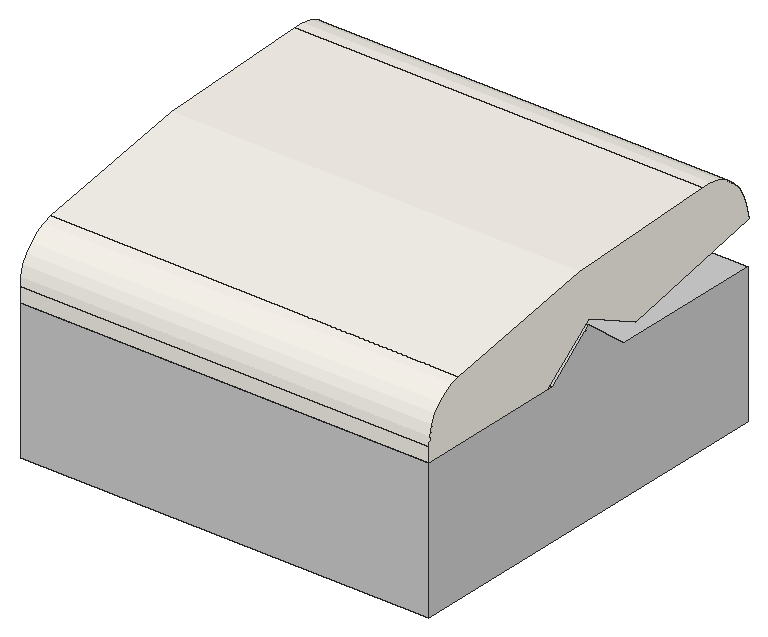
Revit family "Domotics-DomesticRanges-GEWISS-CHORUS_COMMAND-BADGE_SWITCH_2M", category Apparecchi elettrici, host Superficie, Revit 2016
Family settings
  Host = Superficie
  Mantenere orientamento annotazione = Sì
  Tipo di parte = Normale
  Quota connettore circolare = Usa diametro
  Numero OmniClass = 23.80.50.11.14
  Titolo OmniClass = Switches
  Taglio con vuoti quando caricato = Sì
  Condiviso = Sì
  Punto di calcolo locali = Sì
Parameters (values of type "GW14039 - Badge-operated mech.switch 2M titanium")
  Wiring terminals = "With screw"
  Volt = 230 V
  Vista di pianta [instance] = yes
  Version file RFA = "19.0"
  URL = "https://www.gewiss.com/ww/en"
  Type = "Illuminable"
  Tipo_ = BADGE 2M : GW14039 Badge elettromeccanico 2M titanio
  Thermo-pressure with ball = "125 °C"
  Terminal tightening capacity rigid cables (mm2) = "min. 0,5 - max. 2x2,5"
  Terminal tightening capacity flexible cables (mm2) = "min. 0,75 - max. 2x4"
  Terminal grip on cable traction = "> 50 N"
  Technical sheet = "https://www.gewiss.com/ww/en/search?q=GW14039"
  Standard; = "EN 60669-1"
  SIMBOLO [instance] = yes
  SEO = "Badge switch"
  Resistance at test voltage = "2000 V at 50 Hz for 1 minute"
  Realized by GEWISS S.p.A. = ""
  Prolonged operation (no.of position changes) = "40.000 at In 250 V ac cosØ=0,6"
  Produttore = "GEWISS S.p.A."
  Offset deviatore [instance] = 0 mm
  Offset bidimensionale [instance] = 2 mm
  No. Chorus modules = "2"
  N poli = 1
  Modello = "GW14039"
  Larghezza pulsante = 46 mm
  Insulation resistance = "> 5 MOhm"
  IFC.TypeObject = ""
  IFC.ExportType = ""
  IFC.ExportAs = ""
  IDT = "f4165ae2-ed93-4e05-9768-6653f7821cea"
  IDF = "80e14bcf-06a4-4b7a-9d78-4e2b63c1345c"
  Glow Wire Test = "850°C"
  For badge card max. width = "54MM"
  Electrocod = "0134"
  EAN code = "8011564439320"
  Distanza_x [instance] = 0 mm
  Distanza_effettiva_x [instance] = 1500 mm - Distanza_x  # 1500 mm
  Default Elevation = 1219.2 mm
  Immagine tipo = GW14039.jpg
  Descrizione = "BADGE-OPERATED MECH.SWITCH 2M TITANIUM"
  Description: = "1P NA - 16 AX illuminable"
  Colour = "Titanium"
  Category = "Badge switch"
  Catalogue Range = "CHORUS - DOMESTIC RANGE"
  Catalogue = "DOMOTICS"
  Carico apparente = 0 VA
  COBie.Tagnumber = ""
  COBie.CreatedOn = ""
  COBie.CreatebBy = ""
  COBie.ComponentRegisterItemID = ""
  COBie.Component.TagNumber = ""
  COBie.Component.Space = ""
  COBie.Component.SerialNumber = ""
  COBie.Component.InstallationDate = ""
  COBie.Component.Description = ""
  COBie.Component.BarCode = ""
  Breaking capacity: = "1.25 In (200 position changes)"
Types (3, lengths in mm): name | Tipo_ | Technical sheet | Modello | IDT | EAN code | Immagine tipo | Descrizione | Colour
  GW10039 - Badge switch 1P 2M white | BADGE 2M : GW10039 Badge elettromeccanico 2M bianco | "https://www.gewiss.com/ww/en/search?q=GW10039" | "GW10039" | "759aef40-c2f5-46be-a0e4-56412d778793" | "8011564439306" | GW10039.jpg | "BADGE SWITCH 1P 2M CH/WT" | "White"
  GW12039 - Badge-operated mech.switch 2M black | BADGE 2M : GW12039 Badge elettromeccanico 2M nero | "https://www.gewiss.com/ww/en/search?q=GW12039" | "GW12039" | "717428d9-1087-48c4-b365-1f07cf237c7c" | "8011564439313" | GW12039.jpg | "BADGE-OPERATED MECH.SWITCH 2M BLACK" | "Black"
  GW14039 - Badge-operated mech.switch 2M titanium | BADGE 2M : GW14039 Badge elettromeccanico 2M titanio | "https://www.gewiss.com/ww/en/search?q=GW14039" | "GW14039" | "f4165ae2-ed93-4e05-9768-6653f7821cea" | "8011564439320" | GW14039.jpg | "BADGE-OPERATED MECH.SWITCH 2M TITANIUM" | "Titanium"
Reference planes
  plane 1 "Centro (Fronte/Retro)": y = 0
  plane 2: z = 0
  plane 3 "Centro (Sinistra/Destra)": x = 0
  plane 4: z = 0
  plane 5 "piano bidimensionale": z = 28
  plane 6: x = -23
  plane 7: x = 23
  plane 8: z = 26
  plane 9: x = -1500
  plane 10: x = 0
  plane 11: y = 50
Lines and regions (mm)
  Masking region 1, visible <- "Vista di pianta"
    outline origin (0, 0, 0) x (1, 0, 0) y (0, 0, 1)
      loop
        line (-23, 26) -> (-23, 0) -> (23, 0) -> (23, 26) -> (-23, 26)
  Masking region 2, detail levels coarse
    outline origin (0, 0, 0) x (0, 1, 0) y (0, 0, 1)
      loop
        line (-22.5, 26) -> (-22.5, 0) -> (22.5, 0) -> (22.5, 26) -> (-22.5, 26)
Dimensions and locks
  "Offset deviatore": plane 4 to host face
  equal spacing: plane 6, plane 3 "Centro (Sinistra/Destra)", plane 7
  "Larghezza pulsante": plane 6 to plane 7
  locked: plane 8 to plane 4 at 26
  "Distanza_effettiva_x": plane 9 to plane 10
  plane 11 to plane 1 "Centro (Fronte/Retro)" = 50 mm
  "Offset bidimensionale": plane 5 "piano bidimensionale" to plane 8
  plane 9 to plane 3 "Centro (Sinistra/Destra)" = 1500 mm
  aligned and locked: plane 2 to host face
  aligned and locked: level to host face
  aligned and locked: plane 1 "Centro (Fronte/Retro)" to nested 1
  aligned and locked: nested 1 to plane 4
  aligned and locked: plane 8 to Masking region 1 sketch curve
  aligned and locked: plane 6 to Masking region 1 sketch curve
  aligned and locked: Masking region 1 sketch curve to plane 7
  aligned and locked: plane 4 to Masking region 1 sketch curve
  aligned and locked: Masking region 2 sketch curve to nested 1  (x2)
  aligned and locked: Masking region 2 sketch curve to plane 8
  aligned and locked: Masking region 2 sketch curve to plane 4
  aligned and locked: plane 3 "Centro (Sinistra/Destra)" to nested 1
  aligned and locked: plane 10 to nested 2
  aligned and locked: import instance to nested 1
  aligned and locked: plane 5 "piano bidimensionale" to import instance
Automatic sketch dimensions
  host sketch curve to host sketch curve = 2438.4 mm  (x2)
Nested families
  nested 1: "BADGE 2M" at (0, 0, 0), type <- "Tipo_", type "GW14039 Badge elettromeccanico 2M titanio"
  nested 2: "SIMBOLO BADGE" at (0, 95.321, 0), type "LETTBADGE"
    with SIMBOLO yes, Distanza dal muro 4.208 mm, BORDO ACCESO yes
Connectors
  electrical at (0, 0, 0), driven by "N poli", driven by "Volt", driven by "Carico apparente"
    settings: on nested 1, index 1, voltage 230 V, apparent load 0 VA, apparent load phase1 0 VA, apparent load phase2 0 VA, apparent load phase3 0 VA, power factor 1, load classification "Other", number of poles 1, system type 31, power factor state 1, is connector primary yes, connector utility no, sub classification motor no, connector description ""
Definition of nested family "BADGE 2M"
  Parameters (values of type "TIPO A")
    Vetrino = none
    Supporto = none
    Pulsante = none
    Profondità suporto = 15.673 mm
    Larghezza pulsante = 46 mm
    Bidimensionale = 36.414 mm
    Altezza pulsante = 45 mm
  Reference planes
    plane 1 "Centro (Fronte/Retro)": y = 0
    plane 2: z = 0
    plane 3 "Centro (Sinistra/Destra)": x = 0
    plane 4: y = -22.5
    plane 5: y = 22.5
    plane 6: x = -23
    plane 7: x = 23
    plane 8: z = 15.673
    plane 9 "PIANO BIDIMENSIONALE": z = 36.414
    plane 10: y = -6.8
    plane 11: y = -20
    plane 12: y = -13.67
  Forms (mm)
    Extrusion 1, solid, material <- "Supporto"
      sketch origin (0, 0, 0) x (0, 1, 0) y (0, 0, 1)
        loop
          line (-22.5, 0) -> (22.5, 0) -> (22.5, 15.673) -> (5, 15.673) -> (0, 19.673) -> (-5, 15.673) -> (-22.5, 15.673) -> (-22.5, 0)
      from -23 to 23
    Extrusion 2, solid, material <- "Vetrino", not visible
      sketch origin (0, 0, 0) x (0, 1, 0) y (0, 0, 1)
        loop
          arc (-20, 19.947) -> (-16.844, 20.738) -> (-13.67, 21.455) r 135.99
          line (-13.67, 21.455) -> (-13.67, 22.477)
          arc (-13.67, 22.477) -> (-16.844, 21.766) -> (-20, 20.98) r 136.99
          line (-20, 20.98) -> (-20, 19.947)
      from 15.279 to 21.613
    Extrusion 3, solid, material <- "Pulsante"
      sketch origin (0, 0, 0) x (0, 1, 0) y (0, 0, 1)
        loop
          line (-22.5, 15.673) -> (-5.8, 15.673) -> (0, 20.313) -> (6.657, 17.02) -> (22.519, 20.482) -> (22.148, 22.183)
          arc (22.148, 22.183) -> (19.948, 25.458) -> (16.125, 26.433) r 5.53
          arc (16.125, 26.433) -> (-1.159, 25.53) -> (-18.194, 22.47) r 137.99
          arc (-18.194, 22.47) -> (-21.286, 20.607) -> (-22.5, 17.207) r 5.368
          line (-22.5, 17.207) -> (-22.5, 15.673)
      from -23 to 23
    Extrusion 4, solid, material <- "Vetrino", not visible, detail levels medium+fine
      sketch origin (0, 0, 0) x (0, 1, 0) y (0, 0, 1)
        loop
          arc (-20, 19.947) -> (-16.844, 20.738) -> (-13.67, 21.455) r 135.99
          line (-13.67, 21.455) -> (-13.67, 22.477)
          arc (-13.67, 22.477) -> (-16.844, 21.766) -> (-20, 20.98) r 136.99
          line (-20, 20.98) -> (-20, 19.947)
      from 15.279 to 21.613
  Lines and regions (mm)
    Masking region 1
      outline origin (0, 0, 36.414) x (-1, 0, 0) y (0, -1, 0)
        loop
          line (23, -22.5) -> (23, 22.5) -> (-23, 22.5) -> (-23, -22.5) -> (23, -22.5)
    Masking region 2, not visible
      outline origin (40.306, 0, 36.414) x (-1, 0, 0) y (0, -1, 0)
        loop
          line (63.306, -22.5) -> (63.306, 22.5) -> (17.306, 22.5) -> (17.306, -22.5) -> (63.306, -22.5)
        loop
          line (23.406, 6.8) -> (23.406, 20) -> (20.706, 20) -> (20.706, 6.8) -> (23.406, 6.8)
    Masking region 3, not visible
      outline origin (40.306, 0, 36.414) x (-1, 0, 0) y (0, -1, 0)
        loop
          line (23.406, 6.8) -> (23.406, 20) -> (20.706, 20) -> (20.706, 6.8) -> (23.406, 6.8)
    Masking region 4, not visible
      outline origin (40.306, 0, 36.414) x (-1, 0, 0) y (0, -1, 0)
        loop
          line (63.306, -22.5) -> (63.306, 22.5) -> (17.306, 22.5) -> (17.306, -22.5) -> (63.306, -22.5)
        loop
          line (23.406, 6.8) -> (23.406, 20) -> (20.706, 20) -> (20.706, 6.8) -> (23.406, 6.8)
    Masking region 5, not visible
      outline origin (40.306, 0, 36.414) x (-1, 0, 0) y (0, -1, 0)
        loop
          line (23.406, 6.8) -> (23.406, 20) -> (20.706, 20) -> (20.706, 6.8) -> (23.406, 6.8)
    Masking region 6, not visible
      outline origin (40.306, 0, 36.414) x (-1, 0, 0) y (0, -1, 0)
        loop
          line (63.306, -22.5) -> (63.306, 22.5) -> (17.306, 22.5) -> (17.306, -22.5) -> (63.306, -22.5)
        loop
          line (25.028, 13.67) -> (25.028, 20) -> (18.693, 20) -> (18.693, 13.67) -> (25.028, 13.67)
    Masking region 7, not visible
      outline origin (51.806, 0, 36.414) x (-1, 0, 0) y (0, -1, 0)
        loop
          line (36.528, 13.67) -> (36.528, 20.004) -> (30.193, 20.004) -> (30.193, 13.67) -> (36.528, 13.67)
    Masking region 8, not visible
      outline origin (0, 0, 36.414) x (-1, 0, 0) y (0, -1, 0)
        loop
          line (63.306, -22.5) -> (63.306, 22.5) -> (17.306, 22.5) -> (17.306, -22.5) -> (63.306, -22.5)
        loop
          line (25.028, 13.67) -> (25.028, 20) -> (18.693, 20) -> (18.693, 13.67) -> (25.028, 13.67)
    Masking region 9, not visible
      outline origin (11.5, 0, 36.414) x (-1, 0, 0) y (0, -1, 0)
        loop
          line (36.528, 13.67) -> (36.528, 20.004) -> (30.193, 20.004) -> (30.193, 13.67) -> (36.528, 13.67)
  Dimensions and locks
    equal spacing: plane 4, plane 1 "Centro (Fronte/Retro)", plane 5
    plane 4 to plane 5 = 45 mm
    equal spacing: plane 6, plane 3 "Centro (Sinistra/Destra)", plane 7
    "Larghezza pulsante": plane 6 to plane 7
    equal spacing: plane 5, plane 1 "Centro (Fronte/Retro)", plane 4
    "Altezza pulsante": plane 5 to plane 4
    "Profondità suporto": plane 8 to plane 2
    "Bidimensionale": plane 9 "PIANO BIDIMENSIONALE" to level
    aligned and locked: level to plane 2
    aligned and locked: Extrusion 1 sketch curve to plane 4
    aligned and locked: plane 5 to Extrusion 1 sketch curve
    aligned and locked: Extrusion 1 sketch curve to plane 2
    aligned and locked: Extrusion 1 to plane 6
    aligned and locked: plane 7 to Extrusion 1
    aligned and locked: Masking region 1 sketch curve to Extrusion 1  (x3)
    aligned and locked: plane 5 to Masking region 6
    aligned and locked: Masking region 6 to plane 4
    aligned and locked: plane 7 to Masking region 6
    aligned and locked: Masking region 6 to plane 6
    aligned and locked: Masking region 6 to Masking region 7
    aligned and locked: Masking region 8 to Masking region 9
    aligned and locked: plane 7 to Masking region 2
    aligned and locked: Masking region 2 to plane 6
    aligned and locked: Masking region 3 to Masking region 2  (x2)
    aligned and locked: Masking region 5 to Masking region 4  (x2)
    aligned and locked: Extrusion 4 to Masking region 6
    aligned and locked: Extrusion 2 to Masking region 6  (x2)
    aligned and locked: Extrusion 3 to plane 6
    aligned and locked: plane 7 to Extrusion 3
  Automatic sketch dimensions
    Masking region 2 sketch curve to Masking region 2 sketch curve = 3.4 mm
    Masking region 2 sketch curve to Masking region 2 sketch curve = 2.7 mm
    Masking region 3 sketch curve to Masking region 3 sketch curve = 2.7 mm
    Masking region 2 sketch curve to Masking region 2 sketch curve = 46 mm
    Masking region 2 sketch curve to Masking region 2 sketch curve = 29.3 mm
    Masking region 2 sketch curve to Masking region 2 sketch curve = 13.2 mm
    Masking region 2 sketch curve to Masking region 2 sketch curve = 2.5 mm
    Masking region 3 sketch curve to Masking region 3 sketch curve = 13.2 mm
    Masking region 4 sketch curve to Masking region 4 sketch curve = 3.4 mm
    Masking region 4 sketch curve to Masking region 4 sketch curve = 2.7 mm
    Masking region 5 sketch curve to Masking region 5 sketch curve = 2.7 mm
    Masking region 4 sketch curve to Masking region 4 sketch curve = 46 mm
    Masking region 4 sketch curve to Masking region 4 sketch curve = 29.3 mm
    Masking region 4 sketch curve to Masking region 4 sketch curve = 13.2 mm
    Masking region 4 sketch curve to Masking region 4 sketch curve = 2.5 mm
    Masking region 5 sketch curve to Masking region 5 sketch curve = 13.2 mm
    Masking region 6 sketch curve to Masking region 6 sketch curve = 1.387 mm
    Masking region 6 sketch curve to Masking region 6 sketch curve = 6.335 mm
    Masking region 6 sketch curve to Masking region 6 sketch curve = 46 mm
    Masking region 7 sketch curve to Masking region 7 sketch curve = 6.335 mm  (x2)
    Masking region 6 sketch curve to Masking region 6 sketch curve = 36.17 mm
    Masking region 6 sketch curve to Masking region 6 sketch curve = 6.33 mm
    Masking region 6 sketch curve to Masking region 6 sketch curve = 2.5 mm
    Masking region 8 sketch curve to Masking region 8 sketch curve = 1.387 mm
    Masking region 8 sketch curve to Masking region 8 sketch curve = 6.335 mm
    Masking region 8 sketch curve to Masking region 8 sketch curve = 46 mm
    Masking region 9 sketch curve to Masking region 9 sketch curve = 6.335 mm  (x2)
    Masking region 8 sketch curve to Masking region 8 sketch curve = 36.17 mm
    Masking region 8 sketch curve to Masking region 8 sketch curve = 6.33 mm
    Masking region 8 sketch curve to Masking region 8 sketch curve = 2.5 mm
    plane 8 to Extrusion 1 sketch curve = 0 mm  (x2)
    Extrusion 1 sketch curve to plane 1 "Centro (Fronte/Retro)" = 0 mm
    plane 10 to Extrusion 1 sketch curve = 1.8 mm
    Extrusion 1 sketch curve to plane 1 "Centro (Fronte/Retro)" = 5 mm
    Extrusion 1 sketch curve to plane 8 = 4 mm
    Extrusion 2 sketch curve to plane 11 = 0 mm
    Extrusion 2 sketch curve to plane 12 = 0 mm
    Extrusion 2 sketch curve to plane 8 = 5.782 mm
    Extrusion 2 sketch curve to Extrusion 2 sketch curve = 1.022 mm
    Extrusion 2 sketch curve to Extrusion 2 sketch curve = 1.034 mm
    Extrusion 2 sketch curve to Extrusion 2 sketch curve = 0 mm  (x4)
    Extrusion 2 sketch curve to plane 5 = 7.827 mm
    Extrusion 3 sketch curve to plane 4 = 0 mm
    plane 8 to Extrusion 3 sketch curve = 0 mm
    Extrusion 3 sketch curve to plane 1 "Centro (Fronte/Retro)" = 0 mm
    Extrusion 3 sketch curve to plane 8 = 1.535 mm
    plane 11 to Extrusion 3 sketch curve = 2.868 mm
    plane 10 to Extrusion 3 sketch curve = 1 mm
    Extrusion 3 sketch curve to plane 8 = 1.347 mm
    Extrusion 3 sketch curve to plane 1 "Centro (Fronte/Retro)" = 6.657 mm
    Extrusion 3 sketch curve to plane 5 = 7.827 mm
    Extrusion 3 sketch curve to plane 5 = 5.74 mm
    Extrusion 3 sketch curve to plane 5 = 0.352 mm
    plane 5 to Extrusion 3 sketch curve = 0.019 mm
    Extrusion 3 sketch curve to level = 111.549 mm
    Extrusion 3 sketch curve to plane 8 = 4.64 mm
    Extrusion 3 sketch curve to plane 8 = 4.81 mm
    Extrusion 3 sketch curve to Extrusion 3 sketch curve = 1.243 mm
    plane 11 to Extrusion 3 sketch curve = 1.806 mm
    Extrusion 4 sketch curve to Extrusion 4 sketch curve = 1.022 mm
    Extrusion 4 sketch curve to Extrusion 4 sketch curve = 0 mm  (x2)
    Extrusion 4 sketch curve to plane 11 = 0 mm
    Extrusion 4 sketch curve to plane 12 = 0 mm
    Masking region 1 sketch curve to plane 7 = 0 mm
Definition of nested family "SIMBOLO BADGE"
  Parameters (values of type "LETTBADGE")
    Simbolo = SIMBOLO DEVIATORI_BASE : DEV1P
    SIMBOLO [instance] = yes
    Distanza dal muro [instance] = 4.208 mm
    BORDO ACCESO [instance] = yes
  Reference planes
    plane 1: y = 0
    plane 2: x = 0
  Dimensions and locks
    aligned and locked: plane 2 to nested 1
    aligned and locked: plane 1 to nested 1
  Nested families
    nested 1: "SIMBOLO DEVIATORI_BASE" at (0, 0, 0), type <- "Simbolo", BORDO ACCESO <- "BORDO ACCESO", visible <- "SIMBOLO", type "DEV1P"
      with BORDO ACCESO yes
  Definition of nested family "SIMBOLO DEVIATORI_BASE"
    Parameters (values of type "DEVDOPPIO")
      chiave = no
      DEVDOPPIO = yes
      DEV1PLUM = no
      DEV1P = no
      Distanza dal muro = 4.208 mm
      BORDO ACCESO [instance] = yes
    Types (4, lengths in mm): name | chiave | DEVDOPPIO | DEV1PLUM | DEV1P
      DEV1P | no | no | no | yes
      DEV1PLUM | no | no | yes | yes
      DEVCHIAVE | yes | no | no | yes
      DEVDOPPIO | no | yes | no | no
    Reference planes
      plane 1: y = 0
      plane 2: x = 0
    Lines and regions (mm)
      detail lines
        curve 1: line (-1.282, 1.64, 0) -> (1.318, 1.64, 0)
        curve 2: line (1.318, 1.64, 0) -> (1.318, 3.64, 0)
        curve 3: line (1.318, 3.64, 0) -> (-1.282, 3.64, 0)
        curve 4: line (-1.282, 3.64, 0) -> (-1.282, 1.64, 0)
        curve 5: line (-1.148, 2.057, 0) -> (-1.148, 3.224, 0)
        curve 6: line (-1.148, 3.224, 0) -> (1.185, 3.224, 0)
        curve 7: line (1.185, 3.224, 0) -> (1.185, 2.057, 0)
        curve 8: line (1.185, 2.057, 0) -> (-1.148, 2.057, 0)
        curve 9: line (-0.565, 2.64, 0) -> (-0.565, 2.208, 0)
        curve 10: line (-0.565, 2.208, 0) -> (0.602, 2.208, 0)
        curve 11: line (0.602, 2.208, 0) -> (0.602, 2.64, 0)
        curve 12: line (-0.565, 2.351, 0) -> (0.602, 2.351, 0)
